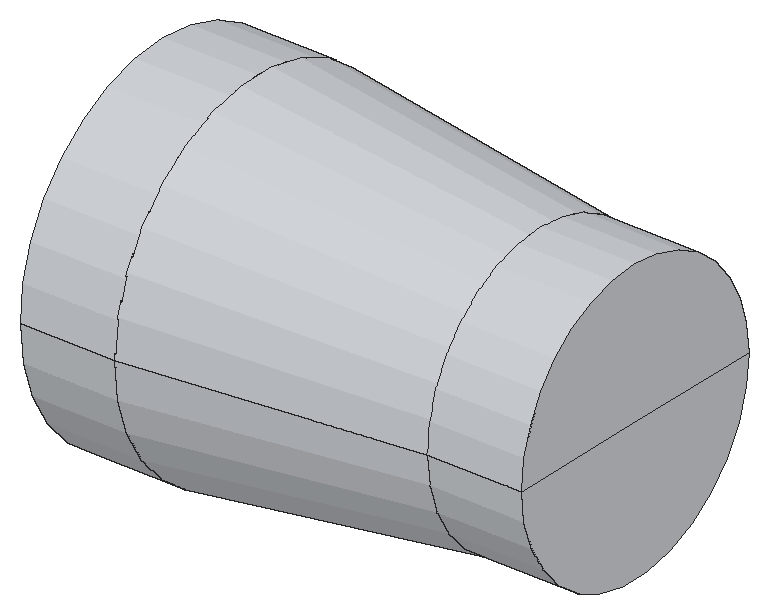
Revit family "ec7015a68549434fbba63f951153bc6d", category Pipe Fittings, Revit 2021
Family settings
  Round Connector Dimension = Use Radius
  Part Type = Transition
  OmniClass Number = 23.60.30.11.14
  OmniClass Title = Pipework Fittings
  Work Plane-Based = No
  Always vertical = Yes
  Cut with Voids When Loaded = No
  Shared = No
Parameters (values of type "Standard")
  Visibility 2 [instance] = Nominal Diameter 2 > Nominal Diameter 1  # no
  Visibility 1 [instance] = Nominal Diameter 1 > Nominal Diameter 2  # yes
  URL = ""
  Type Comments = ""
  Tick Size 2 [instance] = if(Nominal Diameter 1 > Nominal Diameter 2, Min Tick Size 12, Max Tick Size 12)  # 1.5280"
  Tick Size 1 [instance] = if(Nominal Diameter 1 > Nominal Diameter 2, Max Tick Size 12, Min Tick Size 12)  # 1.9200"
  Min Tick Size 12 [instance] = Min Fitting Outside Diameter 12 * 0.4  # 1.5280"
  Max Tick Size 12 [instance] = Max Fitting Outside Diameter 12 * 0.4  # 1.9200"
  Nominal Radius 2 [instance] = 1.5000"
  Nominal Radius 1 [instance] = 2.0000"
  Nominal Diameter 2 [instance] = Nominal Radius 2 * 2  # 3.0000"
  Nominal Diameter 1 [instance] = Nominal Radius 1 * 2  # 4.0000"
  Min Nominal Diameter 12 [instance] = if(Nominal Diameter 1 > Nominal Diameter 2, Nominal Diameter 2, Nominal Diameter 1)  # 3.0000"
  Max Nominal Diameter 12 [instance] = if(Nominal Diameter 1 > Nominal Diameter 2, Nominal Diameter 1, Nominal Diameter 2)  # 4.0000"
  Manufacturer = ""
  Loss Method = K Coefficient from Table
  Lookup Table Name = "Reducer Compact - PE - DI - Class 350"
  Length 1 [instance] = Length / 5  # 1.2740"
  Length [instance] = size_lookup(Lookup Table Name, "Lgt", 5.5000" + 0.95 * Max Nominal Diameter 12 - 0.98 * Min Nominal Diameter 12, Max Nominal Diameter 12, Min Nominal Diameter 12)  # 6.3700"
  K Coefficient Table = "Reducer/Coupling/Union/Increaser"
  Fitting Outside Radius 2 [instance] = Fitting Outside Diameter 2 / 2  # 1.9100"
  Fitting Outside Radius 1 [instance] = Fitting Outside Diameter 1 / 2  # 2.4000"
  Min Fitting Outside Diameter 12 [instance] = size_lookup(Lookup Table Name, "FOD", 1.04 * Min Nominal Diameter 12 + 0.7000", Min Nominal Diameter 12)  # 3.8200"
  Max Fitting Outside Diameter 12 [instance] = size_lookup(Lookup Table Name, "FOD", 1.04 * Max Nominal Diameter 12 + 0.7000", Max Nominal Diameter 12)  # 4.8000"
  built-in parameter 1114238 [instance] = (empty or 0)
  Fitting Outside Diameter 2 [instance] = if(Nominal Diameter 1 > Nominal Diameter 2, Min Fitting Outside Diameter 12, Max Fitting Outside Diameter 12)  # 3.8200"
  Fitting Outside Diameter 1 [instance] = if(Nominal Diameter 1 > Nominal Diameter 2, Max Fitting Outside Diameter 12, Min Fitting Outside Diameter 12)  # 4.8000"
  Description = ""
  Default Elevation = 0.0000"
  Assembly Code = ""
Reference planes (in)
  plane 1 "Center (Front/Back)": y = 0
  plane 2: z = 0
  plane 3 "Center (Left/Right)": x = 0
  plane 4 "Right": x = 6.37
  plane 5 "TK1 Top": y = 1.92
  plane 6 "TK1 Bottom": y = -1.92
  plane 7 "TK2 Top": y = 1.528
  plane 8 "TK2 Bottom": y = -1.528
  plane 9: y = 2.4
  plane 10: y = 1.91
  plane 11: x = 1.274
  plane 12: x = 5.096
Forms (in)
  Extrusion 1, solid, not visible
    sketch origin (0, 0, 0) x (0, 1, 0) y (0, 0, 1)
      loop
        circle (0, 0) r 1
    from 0 to 6.37
  Revolve 2, solid, detail levels fine
    sketch origin (0, 0, 0) x (1, 0, 0) y (0, 1, 0)
      loop
        line (0, 0) -> (6.37, 0) -> (6.37, 1.91) -> (5.096, 1.91) -> (1.274, 2.4) -> (0, 2.4) -> (0, 0)
      axis (0, 0) -> (6.37, 0)
    angle from 0 to 360
Lines and regions (in)
  model lines, detail levels coarse+medium
    curve 1: line (0, 0, 0) -> (0, 1.92, 0)
    curve 2: line (0, -1.92, 0) -> (0, 0, 0)
    curve 3: line (6.37, 0, 0) -> (6.37, 1.528, 0)
    curve 4: line (6.37, 0, 0) -> (6.37, -1.528, 0)
  model lines, style "PipeFitting", visible <- "Visibility 1", detail levels coarse+medium
    curve 5: line (0, 1.92, 0) -> (6.37, 0, 0)
    curve 6: line (0, -1.92, 0) -> (6.37, 0, 0)
  model lines, style "PipeFitting", visible <- "Visibility 2", detail levels coarse+medium
    curve 7: line (6.37, 1.528, 0) -> (0, 0, 0)
    curve 8: line (0, 0, 0) -> (6.37, -1.528, 0)
Dimensions and locks (in)
  "Tick Size 1": plane 5 "TK1 Top" to plane 1 "Center (Front/Back)"
  "Tick Size 1": plane 6 "TK1 Bottom" to plane 1 "Center (Front/Back)"
  "Tick Size 2": plane 7 "TK2 Top" to plane 1 "Center (Front/Back)"
  "Tick Size 2": plane 8 "TK2 Bottom" to plane 1 "Center (Front/Back)"
  "Fitting Outside Radius 1": plane 9 to plane 1 "Center (Front/Back)"
  "Length": plane 3 "Center (Left/Right)" to plane 4 "Right"
  "Fitting Outside Radius 2": plane 10 to plane 1 "Center (Front/Back)"
  "Length 1": plane 3 "Center (Left/Right)" to plane 11
  "Length 1": plane 12 to plane 4 "Right"
  radius of Extrusion 1 sketch curve = 1.0000"
  aligned and locked: plane 2 to level
  aligned and locked: plane 2 to Extrusion 1 sketch curve
  aligned and locked: plane 1 "Center (Front/Back)" to Extrusion 1 sketch curve
  aligned and locked: Extrusion 1 to plane 3 "Center (Left/Right)"
  aligned and locked: plane 4 "Right" to Extrusion 1
  aligned and locked: plane 1 "Center (Front/Back)" to curve 2
  aligned and locked: plane 3 "Center (Left/Right)" to curve 1
  aligned and locked: plane 3 "Center (Left/Right)" to curve 2
  aligned and locked: plane 5 "TK1 Top" to curve 1
  aligned and locked: plane 6 "TK1 Bottom" to curve 2
  aligned and locked: plane 7 "TK2 Top" to curve 3
  aligned and locked: curve 4 to plane 4 "Right"
  aligned and locked: plane 1 "Center (Front/Back)" to Revolve 2 sketch curve
  aligned and locked: plane 3 "Center (Left/Right)" to Revolve 2 sketch curve
  aligned and locked: plane 4 "Right" to Revolve 2 sketch curve
  aligned and locked: Revolve 2 sketch curve to Revolve 2 sketch curve
  aligned and locked: Revolve 2 sketch curve to plane 10
  aligned and locked: Revolve 2 sketch curve to plane 9
  aligned and locked: plane 12 to Revolve 2 sketch curve
Automatic sketch dimensions
  plane 8 "TK2 Bottom" to curve 8 = 0.0000"
  plane 1 "Center (Front/Back)" to curve 4 = 0.0000"
  Revolve 2 sketch curve to plane 11 = 0.0000"
  Revolve 2 sketch curve to plane 3 "Center (Left/Right)" = 9.7500"
  Revolve 2 sketch curve to Revolve 2 sketch curve = 7.2500"
Connectors (in)
  piping at (0, 0, 0), diameter 4, driven by "Nominal Radius 1"
    settings: on Extrusion 1, index 1, connector inside diameter 4.0000", connector length 0.0000", flow factor 0, pipe flow 0 GPM, pressure drop 0.00 psi, fitting loss kfactor 0, connector angle 0.00°, fixture units 0, engagement length 0.0000", angle of deflection 0.00°, flow configuration 0, flow direction 0, fitting loss method 0, system type 28, joint type 0, gender type 0, connector reference index 2, connector utility 0, adjustable connector no, is connector primary yes, connector description ""
  piping at (6.37, 0, 0), diameter 3, driven by "Nominal Radius 2"
    settings: on Extrusion 1, index 2, connector inside diameter 3.0000", connector length 0.0000", flow factor 0, pipe flow 0 GPM, pressure drop 0.00 psi, fitting loss kfactor 0, connector angle 0.00°, fixture units 0, engagement length 0.0000", angle of deflection 0.00°, flow configuration 0, flow direction 0, fitting loss method 0, system type 28, joint type 0, gender type 0, connector reference index 1, connector utility 0, adjustable connector no, is connector primary no, connector description ""
